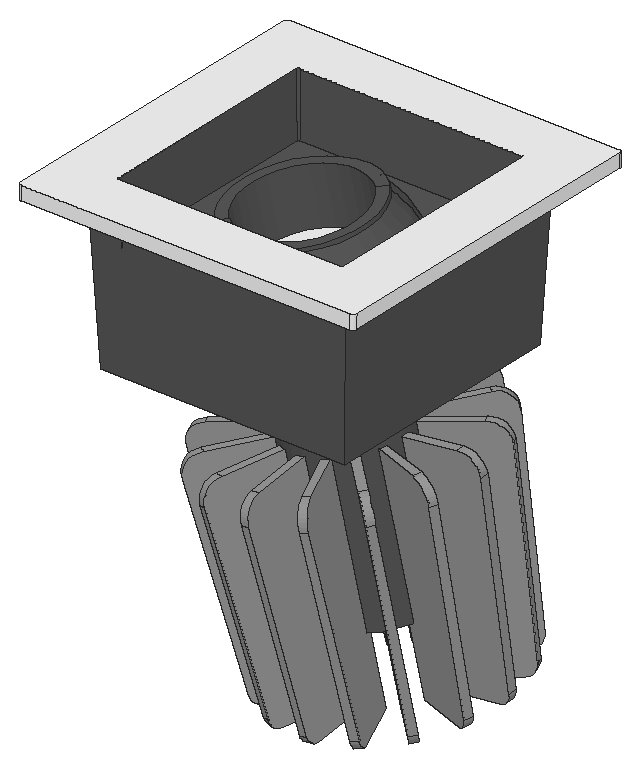
Revit family "2058041 Sylvania Lighting Fixture MYSQ AD BLK 2-7K PHDIM WHT BZ", category Lighting Fixtures, host Face, Revit 2016
Family settings
  Host = Face
  Part Type = Normal
  Round Connector Dimension = Use Diameter
  OmniClass Number = 23.80.70.00
  OmniClass Title = Lighting
  Cut with Voids When Loaded = Yes
  Light Source = No
  Shared = No
  Room Calculation Point = No
Parameters (values of type "2058041 MYSQ AD BLK 2.7K PHDIM WHT BZ")
  WidthCutOut_SYL = 72 mm
  Width_SYL = 86 mm
  WidthBezel_SYL = 7 mm
  Weight = "0.838 kg"
  Wattage Comments = "n/a"
  WarrantyStartDate [instance] = "n/a"
  WarrantyGuarantorParts = "n/a"
  WarrantyDurationUnit = "n/a"
  WarrantyDurationParts = "n/a"
  WarrantyDescription = "n/a"
  Voltage = 0 V
  VerticalTiltStart_FEILO [instance] = VerticalTilt_FEILO + 90.00°  # 135.00°
  VerticalTilt_FEILO [instance] = 45.00°
  URL = "http://www.sylvania-lighting.com"
  TypeName = "MYSQ AD BLK 2.7K PHDIM WHT BZ"
  TypeLamp_SYL = Myriad Adjustable Square Lamp : 2058041 MYSQ AD BLK 2.7K PHDIM WHT BZ
  Type Image = <None>
  Type Comments = "n/a"
  SphereRadius_FEILO = 31 mm
  SerialNumber [instance] = "n/a"
  Material_3_SYL = none
  PowerFactor = 0
  PowerConsumption = "10 W"
  NominalLength = 0 mm
  NominalHeight = 115 mm
  NominalDepth = 76 mm
  Name = "MYSQ AD BLK 2.7K PHDIM WHT BZ"
  ModelReference = Name  # "MYSQ AD BLK 2.7K PHDIM WHT BZ"
  ModelNumber = "2058041"
  Model = Name  # "MYSQ AD BLK 2.7K PHDIM WHT BZ"
  Material = "polycarbonate housing"
  ManufacturerName = "Feilo Sylvania"
  Manufacturer = "Feilo Sylvania"
  LuminousEfficacy = "57 lm/W"
  LuminaireType = ""
  LightOutputRatio = "100"
  LampsType = Lamp  # "LED"
  LampNominalLuminous = "567 lm"
  LampMacAdamStep = "n/a"
  LampColourTemperature = "2700 K"
  LampColourRenderingIndex = "85"
  Lamp = "LED"
  Keynote = "16500"
  InstallationDate [instance] = "n/a"
  InputVoltage = "n/a"
  InputNominalFrequency = "n/a"
  IngressProtection = "IP20"
  ImpactProtectionIndex = "IK02"
  IfcExportType = "IfcLightFixtureType"
  IfcExportAs = "IfcLightFixtureType"
  HorizontalTilt_FEILO [instance] = 10.00°
  HeightVoid_SYL = 16 mm
  HeightTop_SYL = 40 mm
  HeightBezel_SYL = 3.5 mm
  ExpectedLife = 50000
  ElectricShockClassification = "Class II"
  DurationUnit = "hours"
  DraftIn_SYL = tan(DraftAngle_SYL) * HeightVoid_SYL  # 0.699 mm
  DraftOut_SYL = tan(DraftAngle_SYL) * HeightTop_SYL  # 1.746 mm
  DraftAngle_SYL = 2.50°
  DocumentationLiterature = "http://www.sylvania-lighting.com/product/en-int/products/2058041"
  DimmingControlOptions = "n/a"
  Material_2_SYL = none
  Description = "Myriad Adjustable Square 2700K Phase dimmable black interior with white bezel"
  Default Elevation = 1219.2 mm
  CreatedOn = "9/11/2018"
  CreatedBy = "@sylvania-lighting.com"
  Cost = 0
  built-in parameter 1114216 [instance] = (empty or 0)
  ClassificationValue = "EF_70_80"
  ClassificationName = "Uniclass2015"
  Material_1_SYL = Body-Sylvania-MyriadAdjustableRound-Black
  BarCode [instance] = "n/a"
  AssetType = "Fixed"
  AssetIdentifier [instance] = "n/a"
  Assembly Code = "D5020200"
  Apparent Load = 10 VA
  Material_4_SYL = Body-Sylvania-MyriadAdjustableRound-White
Reference planes
  plane 1 "Center (Front/Back)": y = 0
  plane 2: z = 0
  plane 3 "Center (Left/Right)": x = 0
  plane 4: z = 3.5
  plane 5: z = -12.5
  plane 6: z = -24.5
  plane 7: x = -36
  plane 8: x = 36
  plane 9: x = -43
  plane 10: x = 43
  plane 11: x = -33
  plane 12: x = -31.254
  plane 13: x = 33
  plane 14: x = 31.254
  plane 15: y = 43
  plane 16: y = -43
  plane 17: y = 36
  plane 18: y = -36
  plane 19: y = -33
  plane 20: y = 33
  plane 21: y = 31.254
  plane 22: y = -31.254
  plane 23: z = -40
  plane 24: z = -130
  plane 25: y = 29
  plane 26: x = -29
  plane 27: x = 29
  plane 28: y = -29
  plane 29: x = -28.301
  plane 30: y = 28.301
  plane 31: x = 28.301
  plane 32: y = -28.301
  plane 33: x = -42.5
  plane 34: z = 3
Forms (mm)
  Revolve 1, solid, not visible
    sketch origin (0, 0, 0) x (1, 0, 0) y (0, 0, 1)
      loop
        line (0, -24.5) -> (2.4, -24.5) -> (2.4, -12.5) -> (0, -12.5) -> (0, -24.5)
      axis (0, -12.5) -> (0, -24.5)
    angle from 135 <- "VerticalTiltStart_FEILO" to 45 <- "VerticalTilt_FEILO"
  Extrusion 2, void
    sketch origin (0, 0, 0) x (1, 0, 0) y (0, 1, 0)
      loop
        line (-36, 36) -> (-36, -36) -> (36, -36) -> (36, 36) -> (-36, 36)
    from 0 to -130
  Extrusion 3, solid, material "Body-Sylvania-MyriadAdjustableRound-Black" <- "Material_1_SYL"
    sketch origin (0, 0, 0) x (1, 0, 0) y (0, 1, 0)
      loop
        arc (-42, 43) -> (-42.707, 42.707) -> (-43, 42) r 1
        line (-43, 42) -> (-43, -42)
        arc (-43, -42) -> (-42.707, -42.707) -> (-42, -43) r 1
        line (-42, -43) -> (42, -43)
        arc (42, -43) -> (42.707, -42.707) -> (43, -42) r 1
        line (43, -42) -> (43, 42)
        arc (43, 42) -> (42.707, 42.707) -> (42, 43) r 1
        line (42, 43) -> (-42, 43)
    from 0 to 3.5
  Blend 4, solid, material "Body-Sylvania-MyriadAdjustableRound-Black" <- "Material_1_SYL"
    base sketch origin (0, 0, 0) x (1, 0, 0) y (0, 1, 0)
      loop
        line (-33, 33) -> (-33, -33) -> (33, -33) -> (33, 33) -> (-33, 33)
    top sketch origin (0, 0, 0) x (1, 0, 0) y (0, 1, 0)
      loop
        line (-31.254, 31.254) -> (-31.254, -31.254) -> (31.254, -31.254) -> (31.254, 31.254) -> (-31.254, 31.254)
    from 0 to -40
  Blend 5, void
    base sketch origin (1223.4, -4572, 3.5) x (-1, 0, 0) y (0, -1, 0)
      loop
        arc (1251.727, -4601) -> (1252.203, -4600.803) -> (1252.4, -4600.327) r 0.673
        line (1252.4, -4600.327) -> (1252.4, -4543.673)
        arc (1252.4, -4543.673) -> (1252.203, -4543.197) -> (1251.727, -4543) r 0.673
        line (1251.727, -4543) -> (1195.073, -4543)
        arc (1195.073, -4543) -> (1194.597, -4543.197) -> (1194.4, -4543.673) r 0.673
        line (1194.4, -4543.673) -> (1194.4, -4600.327)
        arc (1194.4, -4600.327) -> (1194.597, -4600.803) -> (1195.073, -4601) r 0.673
        line (1195.073, -4601) -> (1251.727, -4601)
    top sketch origin (1223.4, -4572, 3.5) x (-1, 0, 0) y (0, -1, 0)
      loop
        arc (1251.201, -4600.301) -> (1251.555, -4600.155) -> (1251.701, -4599.801) r 0.5
        line (1251.701, -4599.801) -> (1251.701, -4544.199)
        arc (1251.701, -4544.199) -> (1251.555, -4543.845) -> (1251.201, -4543.699) r 0.5
        line (1251.201, -4543.699) -> (1195.638, -4543.699)
        arc (1195.638, -4543.699) -> (1195.257, -4543.857) -> (1195.099, -4544.238) r 0.539
        line (1195.099, -4544.238) -> (1195.099, -4599.801)
        arc (1195.099, -4599.801) -> (1195.245, -4600.155) -> (1195.599, -4600.301) r 0.5
        line (1195.599, -4600.301) -> (1251.201, -4600.301)
    from 0 to -16
  Revolve 6, void
    sketch origin (0, 0, 0) x (1, 0, 0) y (0, 0, 1)
      loop
        arc (0, 5.853) -> (-24.7, -24.5) -> (0, -54.853) r 31
        line (0, -54.853) -> (0, 5.853)
      axis (0, 5.853) -> (0, -54.853)
    angle from 360 to 0
Cuts and joins
  Blend 5 cuts Extrusion 3
  Blend 5, Revolve 6 cuts Blend 4
  joined: Extrusion 3, Blend 4
Lines and regions (mm)
  reference lines
    curve 1: circle (6.3, 0, -24.5) r 31 normal (0, -1, 0)
Dimensions and locks
  "HeightBezel_SYL": plane 4 to plane 2
  locked: plane 5 to plane 6 at 12
  equal spacing: plane 9, plane 3 "Center (Left/Right)", plane 10
  equal spacing: plane 16, plane 1 "Center (Front/Back)", plane 15
  "Width_SYL": plane 16 to plane 15
  "Width_SYL": plane 9 to plane 10
  equal spacing: plane 7, plane 3 "Center (Left/Right)", plane 8
  "WidthCutOut_SYL": plane 7 to plane 8
  equal spacing: plane 18, plane 1 "Center (Front/Back)", plane 17
  "WidthCutOut_SYL": plane 18 to plane 17
  equal spacing: plane 11, plane 3 "Center (Left/Right)", plane 13
  equal spacing: plane 19, plane 1 "Center (Front/Back)", plane 20
  locked: plane 18 to plane 19 at 3
  locked: plane 7 to plane 11 at 3
  equal spacing: plane 12, plane 3 "Center (Left/Right)", plane 14
  "DraftOut_SYL": plane 11 to plane 12
  equal spacing: plane 22, plane 1 "Center (Front/Back)", plane 21
  "DraftOut_SYL": plane 19 to plane 22
  "HeightTop_SYL": plane 2 to plane 23
  locked: plane 2 to plane 24 at 130
  equal spacing: plane 26, plane 3 "Center (Left/Right)", plane 27
  equal spacing: plane 28, plane 1 "Center (Front/Back)", plane 25
  "WidthBezel_SYL": plane 25 to plane 17
  "WidthBezel_SYL": plane 7 to plane 26
  equal spacing: plane 29, plane 3 "Center (Left/Right)", plane 31
  "DraftIn_SYL": plane 26 to plane 29
  equal spacing: plane 32, plane 1 "Center (Front/Back)", plane 30
  "DraftIn_SYL": plane 28 to plane 32
  "HeightVoid_SYL": plane 4 to plane 5
  locked: plane 33 to plane 9 at 0.5
  locked: plane 4 to plane 34 at 0.5
  curve 1 to plane 3 "Center (Left/Right)" = 6.3 mm
  "SphereRadius_FEILO": radius of curve 1
  aligned and locked: plane 2 to host face
  aligned and locked: level to host face
  aligned and locked: plane 6 to Revolve 1 sketch curve
  aligned and locked: Revolve 1 sketch curve to plane 3 "Center (Left/Right)"  (x2)
  aligned and locked: Revolve 1 sketch curve to plane 5
  aligned and locked: plane 17 to Extrusion 2 sketch curve
  aligned and locked: Extrusion 2 sketch curve to plane 18
  aligned and locked: Extrusion 2 sketch curve to plane 8
  aligned and locked: plane 7 to Extrusion 2 sketch curve
  aligned and locked: plane 24 to Extrusion 2
  aligned and locked: level to Extrusion 2
  aligned and locked: plane 15 to Extrusion 3 sketch curve
  aligned and locked: plane 9 to Extrusion 3 sketch curve
  aligned and locked: Extrusion 3 sketch curve to plane 16
  aligned and locked: Extrusion 3 sketch curve to plane 10
  aligned and locked: Extrusion 3 to plane 4
  aligned and locked: Extrusion 3 to level
  aligned and locked: plane 20 to Blend 4 sketch curve
  aligned and locked: Blend 4 sketch curve to plane 19
  aligned and locked: Blend 4 sketch curve to plane 13
  aligned and locked: plane 11 to Blend 4 sketch curve
  aligned and locked: plane 21 to Blend 4 sketch curve
  aligned and locked: plane 12 to Blend 4 sketch curve
  aligned and locked: Blend 4 sketch curve to plane 22
  aligned and locked: Blend 4 sketch curve to plane 14
  aligned and locked: plane 23 to Blend 4
  aligned and locked: level to Blend 4
  aligned and locked: nested 1 to plane 6
  aligned and locked: plane 25 to Blend 5 sketch curve
  aligned and locked: plane 26 to Blend 5 sketch curve
  aligned and locked: Blend 5 sketch curve to plane 28
  aligned and locked: Blend 5 sketch curve to plane 27
  aligned and locked: plane 30 to Blend 5 sketch curve
  aligned and locked: plane 29 to Blend 5 sketch curve
  aligned and locked: Blend 5 sketch curve to plane 32
  aligned and locked: Blend 5 sketch curve to plane 31
  aligned and locked: plane 5 to Blend 5
  aligned and locked: Blend 5 to plane 4
  aligned and locked: plane 6 to curve 1
  aligned and locked: Revolve 6 sketch curve to plane 3 "Center (Left/Right)"
Automatic sketch dimensions
  host sketch curve to host sketch curve = 2438.4 mm  (x2)
  Revolve 1 sketch curve to plane 4 = 2605.558 mm
  plane 3 "Center (Left/Right)" to Revolve 1 sketch curve = 2.4 mm
  plane 6 to Revolve 1 sketch curve = 577.6 mm
  plane 9 to Extrusion 3 sketch curve = 1 mm
  Extrusion 3 sketch curve to Extrusion 3 sketch curve = 1 mm
  Extrusion 3 sketch curve to plane 10 = 1 mm  (x2)
  plane 31 to Blend 5 sketch curve = 0.026 mm  (x2)
  Blend 5 sketch curve to plane 29 = 0.026 mm  (x2)
  Blend 5 sketch curve to Blend 5 sketch curve = 0.5 mm
  Blend 5 sketch curve to Blend 5 sketch curve = 0.539 mm
  plane 29 to Blend 5 sketch curve = 0.5 mm  (x2)
  plane 24 to Revolve 6 sketch curve = 479.6 mm
  Revolve 6 sketch curve to plane 4 = 2605.558 mm
  Revolve 6 sketch curve to plane 3 "Center (Left/Right)" = 0 mm
  Revolve 6 sketch curve to plane 6 = 0 mm
  plane 3 "Center (Left/Right)" to Revolve 6 sketch curve = 6.3 mm
  Revolve 6 sketch curve to plane 4 = 2.353 mm
Nested families
  nested 1: "Myriad Adjustable Square Rotation Feature" at (-0.473, 0.473, -24.5) x (-0.7071, 0.7071, 0) z (-0.7071, -0.7071, 0), HorizontalAxis <- "HorizontalTilt_FEILO", type "Myriad Adjustable Square Rotation Feature"
    with HorizontalAxis 10.00°, EndAngle 100.00°
  nested 2: "Myriad Adjustable Square Lamp" at (0, 0, -24.5) x (0.6964, 0.6964, 0.1736) z (0.1228, 0.1228, -0.9848), type <- "TypeLamp_SYL", type "2058041 MYSQ AD BLK 2.7K PHDIM WHT BZ"
Connectors
  electrical at (0, 0, 0), driven by "Apparent Load", driven by "PowerFactor", driven by "Voltage"
    settings: index 1, voltage 0 V, apparent load 10 VA, apparent load phase1 0 VA, apparent load phase2 0 VA, apparent load phase3 0 VA, power factor 0, load classification "Lighting", number of poles 1, system type 30, power factor state 1, is connector primary yes, connector utility no, sub classification motor no, connector description ""
Definition of nested family "Myriad Adjustable Square Rotation Feature"
  Parameters (values of type "Myriad Adjustable Square Rotation Feature")
    URL = "http://www.sylvania-lighting.com"
    Type Comments = "n/a"
    Model = "n/a"
    Manufacturer = "Feilo Sylvania"
    Keynote = "n/a"
    HorizontalAxis [instance] = 0.00°
    EndAngle [instance] = HorizontalAxis + 90.00°  # 90.00°
    Description = "n/a"
    Default Elevation = 1219.2 mm
    Cost = 0
    Assembly Code = "n/a"
  Reference planes
    plane 1 "Center (Front/Back)": y = 0
    plane 2: z = 0
    plane 3 "Center (Left/Right)": x = 0
    plane 4: z = 10
    plane 5: x = -10
    plane 6: x = 10
  Forms (mm)
    Extrusion 1, solid
      sketch origin (-0.8, 0, 0) x (1, 0, 0) y (0, 1, 0)
        loop
          line (-1219.2, 1219.2) -> (-1219.2, -1219.2) -> (1219.2, -1219.2) -> (1219.2, 1219.2) -> (-1219.2, 1219.2)
      from 0 to -304.8
    Revolve 2, solid
      sketch origin (0, 0, 0) x (1, 0, 0) y (0, 0, 1)
        loop
          line (-10, 10) -> (-10, 0) -> (10, 0) -> (10, 10) -> (-10, 10)
        axis (-10, 0) -> (10, 0)
      angle from 0 <- "HorizontalAxis" to 90 <- "EndAngle"
  Dimensions and locks
    plane 4 to plane 2 = 10 mm
    aligned and locked: plane 2 to Extrusion 1
    aligned and locked: level to Extrusion 1
    aligned and locked: Revolve 2 sketch curve to plane 4
    aligned and locked: plane 5 to Revolve 2 sketch curve
    aligned and locked: Extrusion 1 to Revolve 2 sketch curve
    aligned and locked: Revolve 2 sketch curve to plane 2
    aligned and locked: Revolve 2 sketch curve to plane 6
Definition of nested family "Myriad Adjustable Square Lamp"
  Parameters (values of type "2058044 MYSQ AD BLK 2.7K DALI SIL BZ")
    Wattage = 10 W
    built-in parameter 1150110 = 1 (stored number, unit not read)
    URL = "http://www.sylvania-lighting.com"
    Type Comments = "n/a"
    built-in parameter 1114217 = 1 (stored number, unit not read)
    Tilt Angle = 90.00°
    built-in parameter 1150109 = 1 (stored number, unit not read)
    built-in parameter 1150134 = (empty or 0)
    built-in parameter 1150113 = 1 (stored number, unit not read)
    SphereRadius_SYL = 31 mm
    RimHeight_SYL = 1 mm
    Material_3_SYL = none
    Photometric Web File = "2058044.ies"
    Model = "MYSQ AD BLK 2.7K DALI SIL BZ"
    Manufacturer = "Feilo Sylvania"
    built-in parameter 1150105 = 54.113 (stored number, unit not read)
    Lumens = 680 lm
    built-in parameter 1150115 = 1 (stored number, unit not read)
    built-in parameter 1150137 = (empty or 0)
    built-in parameter 1150139 = (empty or 0)
    built-in parameter 1150112 = 1 (stored number, unit not read)
    built-in parameter 1150114 = 1 (stored number, unit not read)
    Lamp = "LED"
    Keynote = "16500"
    built-in parameter 1150132 = (empty or 0)
    built-in parameter 1150102 = (empty or 0)
    built-in parameter 1150107 = 2700 (stored number, unit not read)
    built-in parameter 1150138 = (empty or 0)
    built-in parameter 1150106 = 0.54113 (stored number, unit not read)
    Emit from Circle Diameter = 30 mm
    Emit Shape Visible in Rendering = no
    built-in parameter 1150104 = 6.3174 (stored number, unit not read)
    Dimming Lamp Color Temperature Shift = (empty or 0)
    Material_2_SYL = none
    Description = "Myriad Adjustable Square 2700K DALI black interior with silver bezel"
    Default Elevation = 1219.2 mm
    Cost = 0
    Color Filter = 16777215
    Material_1_SYL = none
    built-in parameter 1114218 = 1 (stored number, unit not read)
    built-in parameter 1150133 = 10 (stored number, unit not read)
    Assembly Code = "D5020200"
    Material_4_SYL = none
    Apparent Load = 10 VA
  Types (24, lengths in mm): name | built-in parameter 1150134 | Photometric Web File | Model | built-in parameter 1150105 | Lumens | built-in parameter 1150107 | built-in parameter 1150106 | built-in parameter 1150104 | Description
    2058044 MYSQ AD BLK 2.7K DALI SIL BZ | (empty or 0) | "2058044.ies" | "MYSQ AD BLK 2.7K DALI SIL BZ" | 54.113 (stored number, unit not read) | 680 lm | 2700 (stored number, unit not read) | 0.54113 (stored number, unit not read) | 6.3174 (stored number, unit not read) | "Myriad Adjustable Square 2700K DALI black interior with silver bezel"
    2058043 MYSQ AD BLK 2.7K PHDIM SIL BZ | (empty or 0) | "2058043.ies" | "MYSQ AD BLK 2.7K PHDIM SIL BZ" | 54.113 (stored number, unit not read) | 680 lm | 2700 (stored number, unit not read) | 0.54113 (stored number, unit not read) | 6.3174 (stored number, unit not read) | "Myriad Adjustable Square 2700K Phase dimmable black interior with silver bezel"
    2058042 MYSQ AD BLK 2.7K DALI WHT BZ | (empty or 0) | "2058042.ies" | "MYSQ AD BLK 2.7K DALI WHT BZ" | 54.113 (stored number, unit not read) | 680 lm | 2700 (stored number, unit not read) | 0.54113 (stored number, unit not read) | 6.3174 (stored number, unit not read) | "Myriad Adjustable Square 2700K DALI black interior with white bezel"
    2058041 MYSQ AD BLK 2.7K PHDIM WHT BZ | (empty or 0) | "2058041.ies" | "MYSQ AD BLK 2.7K PHDIM WHT BZ" | 45.359 (stored number, unit not read) | 570 lm | 2700 (stored number, unit not read) | 0.45359 (stored number, unit not read) | 5.2955 (stored number, unit not read) | "Myriad Adjustable Square 2700K Phase dimmable black interior with white bezel"
    2058040 MYSQ AD WHT 2.7K DALI SIL BZ | (empty or 0) | "2058040.ies" | "MYSQ AD WHT 2.7K DALI SIL BZ" | 45.359 (stored number, unit not read) | 570 lm | 2700 (stored number, unit not read) | 0.45359 (stored number, unit not read) | 5.2955 (stored number, unit not read) | "Myriad Adjustable Square 2700K DALI White interior with silver bezel."
    2058039 MYSQ AD WHT 2.7K PHDIM SIL BZ | (empty or 0) | "2058039.ies" | "MYSQ AD WHT 2.7K PHDIM SIL BZ" | 54.113 (stored number, unit not read) | 680 lm | 2700 (stored number, unit not read) | 0.54113 (stored number, unit not read) | 6.3174 (stored number, unit not read) | "MYSQ AD WHT 2.7K PHDIM SIL BZ"
    2058038 MYSQ AD WHT 2.7K DALI WHT BZ | (empty or 0) | "2058038.ies" | "MYSQ AD WHT 2.7K DALI WHT BZ" | 54.113 (stored number, unit not read) | 680 lm | 2700 (stored number, unit not read) | 0.54113 (stored number, unit not read) | 6.3174 (stored number, unit not read) | "MYSQ AD WHT 2.7K DALI WHT BZ"
    2058037 MYSQ AD WHT 2.7K PHDIM WHT BZ | (empty or 0) | "2058037.ies" | "MYSQ AD WHT 2.7K PHDIM WHT BZ" | 54.113 (stored number, unit not read) | 680 lm | 2700 (stored number, unit not read) | 0.54113 (stored number, unit not read) | 6.3174 (stored number, unit not read) | "Myriad Adjustable SQ White 2,7K Phase dim White Bezel"
    2056239 MYD ADJ SQ BLK 4K DALI SIL BEZ | 12 | "2056239.ies" | "MYD ADJ SQ BLK 4K DALI SIL BEZ" | 54.113 (stored number, unit not read) | 680 lm | 4000 (stored number, unit not read) | 0.54113 (stored number, unit not read) | 6.3174 (stored number, unit not read) | "MYD ADJ SQ BLK 4K DALI SIL BEZ"
    2056238 MYR ADJ SQ BLK 4K PHDIM SIL BEZ | 12 | "2056238.ies" | "MYR ADJ SQ BLK 4K PHDIM SIL BEZ" | 54.113 (stored number, unit not read) | 680 lm | 4000 (stored number, unit not read) | 0.54113 (stored number, unit not read) | 6.3174 (stored number, unit not read) | "MYR ADJ SQ BLK 4K PHDIM SIL BEZ"
    2056237 MYD ADJ SQ BLK 4K DALI WHT BEZ | 12 | "2056237.ies" | "MYD ADJ SQ BLK 4K DALI WHT BEZ" | 54.113 (stored number, unit not read) | 680 lm | 4000 (stored number, unit not read) | 0.54113 (stored number, unit not read) | 6.3174 (stored number, unit not read) | "MYD ADJ SQ BLK 4K DALI WHT BEZ"
    2056236 MYD ADJ SQ BLK 4K PHDIM WHT BEZ | 12 | "2056236.ies" | "MYD ADJ SQ BLK 4K PHDIM WHT BEZ" | 54.113 (stored number, unit not read) | 680 lm | 4000 (stored number, unit not read) | 0.54113 (stored number, unit not read) | 6.3174 (stored number, unit not read) | "MYD ADJ SQ BLK 4K PHDIM WHT BEZ"
    2056235 MYD ADJ SQ BLK 3K DALI SIL BEZ | (empty or 0) | "2056235.ies" | "MYD ADJ SQ BLK 3K DALI SIL BEZ" | 55.704 (stored number, unit not read) | 700 lm | 3000 (stored number, unit not read) | 0.55704 (stored number, unit not read) | 6.5032 (stored number, unit not read) | "MYD ADJ SQ BLK 3K DALI SIL BEZ"
    2056234 MYD ADJ SQ BLK 3K PHDIM SILBEZ | (empty or 0) | "2056234.ies" | "MYD ADJ SQ BLK 3K PHDIM SILBEZ" | 55.704 (stored number, unit not read) | 700 lm | 3000 (stored number, unit not read) | 0.55704 (stored number, unit not read) | 6.5032 (stored number, unit not read) | "MYD ADJ SQ BLK 3K PHDIM SILBEZ"
    2056233 MYD ADJ SQ BLK 3K DALI WHT BEZ | (empty or 0) | "2056233.ies" | "MYD ADJ SQ BLK 3K DALI WHT BEZ" | 55.704 (stored number, unit not read) | 700 lm | 3000 (stored number, unit not read) | 0.55704 (stored number, unit not read) | 6.5032 (stored number, unit not read) | "MYD ADJ SQ BLK 3K DALI WHT BEZ"
    2056232 MYD ADJ SQ BLK 3K PHDIM WHT BEZ | (empty or 0) | "2056232.ies" | "MYD ADJ SQ BLK 3K PHDIM WHT BEZ" | 55.704 (stored number, unit not read) | 700 lm | 3000 (stored number, unit not read) | 0.55704 (stored number, unit not read) | 6.5032 (stored number, unit not read) | "MYD ADJ SQ BLK 3K PHDIM WHT BEZ"
    2056231 MYD ADJ SQ WHT 4K DALI SIL BEZ | 12 | "2056231.ies" | "MYD ADJ SQ WHT 4K DALI SIL BEZ" | 54.113 (stored number, unit not read) | 680 lm | 4000 (stored number, unit not read) | 0.54113 (stored number, unit not read) | 6.3174 (stored number, unit not read) | "MYD ADJ SQ WHT 4K DALI SIL BEZ"
    2056230 MYD ADJ SQ WHT 4K PHDIM SIL BEZ | 12 | "2056230.ies" | "MYD ADJ SQ WHT 4K PHDIM SIL BEZ" | 54.113 (stored number, unit not read) | 680 lm | 4000 (stored number, unit not read) | 0.54113 (stored number, unit not read) | 6.3174 (stored number, unit not read) | "Myriad Adjustable Square 4000K phase dimmable white with silver bezel"
    2056229 MYD ADJ SQ WHT 4K DALI WHT BEZ | 12 | "2056229.ies" | "MYD ADJ SQ WHT 4K DALI WHT BEZ" | 54.113 (stored number, unit not read) | 680 lm | 4000 (stored number, unit not read) | 0.54113 (stored number, unit not read) | 6.3174 (stored number, unit not read) | "MYD ADJ SQ WHT 4K DALI WHT BEZ"
    2056228 MYD ADJ SQ WHT 4K PHDIM WHT BEZ | 12 | "2056228.ies" | "MYD ADJ SQ WHT 4K PHDIM WHT BEZ" | 54.113 (stored number, unit not read) | 680 lm | 4000 (stored number, unit not read) | 0.54113 (stored number, unit not read) | 6.3174 (stored number, unit not read) | "MYD ADJ SQ WHT 4K PHDIM WHT BEZ"
    2056227 MYD ADJ SQ WHT 3K DALI SIL BEZ | (empty or 0) | "2056227.ies" | "MYD ADJ SQ WHT 3K DALI SIL BEZ" | 55.704 (stored number, unit not read) | 700 lm | 3000 (stored number, unit not read) | 0.55704 (stored number, unit not read) | 6.5032 (stored number, unit not read) | "MYD ADJ SQ WHT 3K DALI SIL BEZ"
    2056226 MYD ADJ SQ WHT 3K PHDIM SIL BEZ | (empty or 0) | "2056226.ies" | "MYD ADJ SQ WHT 3K PHDIM SIL BEZ" | 55.704 (stored number, unit not read) | 700 lm | 3000 (stored number, unit not read) | 0.55704 (stored number, unit not read) | 6.5032 (stored number, unit not read) | "MYD ADJ SQ WHT 3K PHDIM SIL BEZ"
    2056225 MYD ADJ SQ WHT 3K DALI WHT BEZ | (empty or 0) | "2056225.ies" | "MYD ADJ SQ WHT 3K DALI WHT BEZ" | 55.704 (stored number, unit not read) | 700 lm | 3000 (stored number, unit not read) | 0.55704 (stored number, unit not read) | 6.5032 (stored number, unit not read) | "MYD ADJ SQ WHT 3K DALI WHT BEZ"
    2056224 MYD ADJ SQ WHT 3K PHDIM WHT BEZ | (empty or 0) | "2056224.ies" | "MYD ADJ SQ WHT 3K PHDIM WHT BEZ" | 55.704 (stored number, unit not read) | 700 lm | 3000 (stored number, unit not read) | 0.55704 (stored number, unit not read) | 6.5032 (stored number, unit not read) | "MYD ADJ SQ WHT 3K PHDIM WHT BEZ"
  Reference planes
    plane 1 "Center (Front/Back)": y = 0
    plane 2: z = 0
    plane 3 "Center (Left/Right)": x = 0
    plane 4: x = -35
    plane 5: x = -12
    plane 6: x = -15
    plane 7: x = -25
    plane 8: x = -17.8
    plane 9: z = -19.5
    plane 10: z = 19.5
    plane 11: z = 30.5
    plane 12: z = 71.5
    plane 13: z = 90.5
    plane 14: z = 0
    plane 15: z = -5.5
    plane 16: x = -30
    plane 17: z = -20.5
  Forms (mm)
    Extrusion 1, solid
      sketch origin (-0.8, 0, 0) x (1, 0, 0) y (0, 1, 0)
        loop
          line (-1219.2, 1219.2) -> (-1219.2, -1219.2) -> (1219.2, -1219.2) -> (1219.2, 1219.2) -> (-1219.2, 1219.2)
      from 0 to -304.8
    Revolve 2, solid, material <- "Material_1_SYL"
      sketch origin (0, 0, 0) x (1, 0, 0) y (0, 0, 1)
        loop
          line (-15, -20.5) -> (-15, -5.5) -> (0, -5.5) -> (0, 30.5) -> (-12, 30.5) -> (-12, 71.5) -> (-15, 71.5) -> (-15, 19.5) -> (-17.8, 19.5)
          arc (-17.8, 19.5) -> (-24.701, 0) -> (-17.8, -19.5) r 31
          line (-17.8, -19.5) -> (-17.8, -20.5) -> (-15, -20.5)
        axis (0, 71.5) -> (0, -20.5)
      angle from 0 to 360
    Revolve 3, solid, material <- "Material_1_SYL", detail levels coarse+medium
      sketch origin (0, 0, 0) x (1, 0, 0) y (0, 0, 1)
        loop
          line (0, 30.5) -> (0, 90.5) -> (-30, 90.5) -> (-35, 30.5) -> (0, 30.5)
        axis (0, 90.5) -> (0, 30.5)
      angle from 0 to 360
  Lines and regions (mm)
    reference lines
      curve 1: line (0, 0, 0) -> (-32.336, 13.394, 0)
      curve 2: circle (0, 0, 0) r 35 normal (0, 0, 1)
      curve 3: line (0, 0, 0) -> (-24.749, 24.749, 0)
      curve 4: line (0, 0, 0) -> (-13.394, 32.336, 0)
      curve 5: line (0, 0, 0) -> (13.394, 32.336, 0)
      curve 6: line (0, 0, 0) -> (24.749, 24.749, 0)
      curve 7: line (0, 0, 0) -> (32.336, 13.394, 0)
      curve 8: line (0, 0, 0) -> (32.336, -13.394, 0)
      curve 9: line (0, 0, 0) -> (24.749, -24.749, 0)
      curve 10: line (0, 0, 0) -> (13.394, -32.336, 0)
      curve 11: line (0, 0, 0) -> (-13.394, -32.336, 0)
      curve 12: line (0, 0, 0) -> (-24.749, -24.749, 0)
      curve 13: line (0, 0, 0) -> (-32.336, -13.394, 0)
  Dimensions and locks
    locked: plane 3 "Center (Left/Right)" to plane 4 at 35
    locked: plane 3 "Center (Left/Right)" to plane 5 at 12
    locked: plane 3 "Center (Left/Right)" to plane 6 at 15
    locked: plane 3 "Center (Left/Right)" to plane 7 at 25
    locked: plane 3 "Center (Left/Right)" to plane 8 at 17.8
    equal spacing: plane 10, plane 14, plane 9
    locked: plane 3 "Center (Left/Right)" to plane 16 at 30
    "RimHeight_SYL": plane 9 to plane 17
    locked: plane 15 to plane 17 at 15
    locked: plane 10 to plane 17 at 40
    locked: plane 11 to plane 17 at 51
    locked: plane 12 to plane 17 at 92
    locked: plane 13 to plane 17 at 111
    radius of curve 2 = 35 mm
    "SphereRadius_SYL": radius of Revolve 2 sketch curve
    angle curve 3 to plane 1 "Center (Front/Back)" = 45.00°
    angle curve 4 to plane 1 "Center (Front/Back)" = 67.50°
    angle plane 1 "Center (Front/Back)" to curve 5 = 67.50°
    angle plane 1 "Center (Front/Back)" to curve 6 = 45.00°
    angle plane 1 "Center (Front/Back)" to curve 7 = 22.50°
    angle curve 8 to plane 1 "Center (Front/Back)" = 22.50°
    angle curve 9 to plane 1 "Center (Front/Back)" = 45.00°
    angle curve 10 to plane 1 "Center (Front/Back)" = 67.50°
    angle curve 11 to plane 3 "Center (Left/Right)" = 22.50°
    angle curve 12 to plane 3 "Center (Left/Right)" = 45.00°
    angle curve 13 to plane 3 "Center (Left/Right)" = 67.50°
    aligned and locked: plane 2 to Extrusion 1
    aligned and locked: level to Extrusion 1
    aligned and locked: Revolve 2 sketch curve to plane 3 "Center (Left/Right)"  (x2)
    aligned and locked: plane 8 to Revolve 2 sketch curve  (x2)
    aligned and locked: plane 10 to Revolve 2 sketch curve
    aligned and locked: plane 6 to Revolve 2 sketch curve  (x2)
    aligned and locked: plane 12 to Revolve 2 sketch curve
    aligned and locked: Revolve 2 sketch curve to plane 5
    aligned and locked: plane 3 "Center (Left/Right)" to Revolve 2 sketch curve
    aligned and locked: plane 11 to Revolve 2 sketch curve
    aligned and locked: plane 3 "Center (Left/Right)" to curve 1
    aligned and locked: plane 3 "Center (Left/Right)" to curve 2
    aligned and locked: Revolve 3 sketch curve to plane 3 "Center (Left/Right)"
    aligned and locked: plane 13 to Revolve 3 sketch curve
    aligned and locked: plane 14 to level
    aligned and locked: plane 17 to Revolve 2 sketch curve
    aligned and locked: plane 15 to Revolve 2 sketch curve
    aligned and locked: imposter light to plane 1 "Center (Front/Back)"
    aligned and locked: plane 3 "Center (Left/Right)" to imposter light
    aligned and locked: plane 1 "Center (Front/Back)" to nested 1
    aligned and locked: plane 3 "Center (Left/Right)" to nested 1
    aligned and locked: imposter light to plane 15
  Automatic sketch dimensions
    Extrusion 1 sketch curve to Extrusion 1 sketch curve = 2438.4 mm  (x2)
    plane 1 "Center (Front/Back)" to curve 2 = 0 mm
    plane 1 "Center (Front/Back)" to curve 11 = 0 mm
    curve 1 to plane 16 = 2.336 mm
    Revolve 3 sketch curve to level = 609.6 mm
    Revolve 3 sketch curve to Revolve 3 sketch curve = 2498.058 mm
    Revolve 3 sketch curve to plane 4 = 0 mm
    Revolve 3 sketch curve to plane 16 = 0 mm
    Revolve 3 sketch curve to plane 3 "Center (Left/Right)" = 0 mm
    Revolve 3 sketch curve to plane 11 = 0 mm
    Revolve 2 sketch curve to level = 0 mm
    Revolve 2 sketch curve to plane 17 = 588.1 mm
    Revolve 2 sketch curve to plane 13 = 2498.058 mm
  Nested families
    nested 1: "Myriad Rib" at (0, 0, -20.5), type "Myriad Rib", detail levels fine
    nested 2: "Myriad Rib" at (0, 0, -20.5) x (0.9239, -0.3827, 0) z (0, 0, 1), type "Myriad Rib", detail levels fine
    nested 3: "Myriad Rib" at (0, 0, -20.5) x (0.7071, -0.7071, 0) z (0, 0, 1), type "Myriad Rib", detail levels fine
    nested 4: "Myriad Rib" at (0, 0, -20.5) x (0.3827, -0.9239, 0) z (0, 0, 1), type "Myriad Rib", detail levels fine
    nested 5: "Myriad Rib" at (0, 0, -20.5) x (0, -1, 0) z (0, 0, 1), type "Myriad Rib", detail levels fine
    nested 6: "Myriad Rib" at (0, 0, -20.5) x (-0.3827, -0.9239, 0) z (0, 0, 1), type "Myriad Rib", detail levels fine
    nested 7: "Myriad Rib" at (0, 0, -20.5) x (-0.7071, -0.7071, 0) z (0, 0, 1), type "Myriad Rib", detail levels fine
    nested 8: "Myriad Rib" at (0, 0, -20.5) x (-0.9239, -0.3827, 0) z (0, 0, 1), type "Myriad Rib", detail levels fine
    nested 9: "Myriad Rib" at (0, 0, -20.5) x (-1, 0, 0) z (0, 0, 1), type "Myriad Rib", detail levels fine
    nested 10: "Myriad Rib" at (0, 0, -20.5) x (-0.9239, 0.3827, 0) z (0, 0, 1), type "Myriad Rib", detail levels fine
    nested 11: "Myriad Rib" at (0, 0, -20.5) x (-0.7071, 0.7071, 0) z (0, 0, 1), type "Myriad Rib", detail levels fine
    nested 12: "Myriad Rib" at (0, 0, -20.5) x (-0.3827, 0.9239, 0) z (0, 0, 1), type "Myriad Rib", detail levels fine
    nested 13: "Myriad Rib" at (0, 0, -20.5) x (0, 1, 0) z (0, 0, 1), type "Myriad Rib", detail levels fine
    nested 14: "Myriad Rib" at (0, 0, -20.5) x (0.3827, 0.9239, 0) z (0, 0, 1), type "Myriad Rib", detail levels fine
    nested 15: "Myriad Rib" at (0, 0, -20.5) x (0.7071, 0.7071, 0) z (0, 0, 1), type "Myriad Rib", detail levels fine
    nested 16: "Myriad Rib" at (0, 0, -20.5) x (0.9239, 0.3827, 0) z (0, 0, 1), type "Myriad Rib", detail levels fine
  Definition of nested family "Myriad Rib"
    Parameters (values of type "Myriad Rib")
      URL = "http://www.feilosylvania.com"
      Type Comments = "n/a"
      Material_3_SYL = none
      Model = "n/a"
      Manufacturer = "Feilo Sylvania"
      Keynote = "n/a"
      Material_2_SYL = none
      Description = "n/a"
      Default Elevation = 1219.2 mm
      Cost = 0
      Material_1_SYL = none
      Assembly Code = "n/a"
      Material_4_SYL = none
    Reference planes
      plane 1 "Center (Front/Back)": y = 0
      plane 2: z = 0
      plane 3 "Center (Left/Right)": x = 0
      plane 4: x = -35
      plane 5: x = -30
      plane 6: x = -13
      plane 7: z = 51
      plane 8: z = 111
      plane 9: y = 1
      plane 10: y = -1
    Forms (mm)
      Extrusion 1, solid
        sketch origin (-0.8, 0, 0) x (1, 0, 0) y (0, 1, 0)
          loop
            line (-1219.2, 1219.2) -> (-1219.2, -1219.2) -> (1219.2, -1219.2) -> (1219.2, 1219.2) -> (-1219.2, 1219.2)
        from 0 to -304.8
      Extrusion 2, solid, material <- "Material_1_SYL"
        sketch origin (0, 0, 0) x (1, 0, 0) y (0, 0, 1)
          loop
            line (-13, 111) -> (-27.182, 111)
            arc (-27.182, 111) -> (-29.214, 110.208) -> (-30.172, 108.249) r 3
            line (-30.172, 108.249) -> (-34.491, 56.415)
            arc (-34.491, 56.415) -> (-33.188, 52.614) -> (-29.509, 51) r 5
            line (-29.509, 51) -> (-13, 51) -> (-13, 111)
        from -1 to 1
    Dimensions and locks
      locked: plane 7 to plane 2 at 51
      locked: plane 8 to plane 2 at 111
      locked: plane 3 "Center (Left/Right)" to plane 6 at 13
      locked: plane 3 "Center (Left/Right)" to plane 5 at 30
      locked: plane 3 "Center (Left/Right)" to plane 4 at 35
      equal spacing: plane 10, plane 1 "Center (Front/Back)", plane 9, locked at 1 each
      locked: plane 10 to plane 9 at 2
      aligned and locked: plane 2 to Extrusion 1
      aligned and locked: level to Extrusion 1
      aligned and locked: plane 8 to Extrusion 2 sketch curve  (x2)
      aligned and locked: Extrusion 2 sketch curve to plane 6
      aligned and locked: Extrusion 2 sketch curve to plane 7
      aligned and locked: Extrusion 2 to plane 9
      aligned and locked: plane 10 to Extrusion 2
    Automatic sketch dimensions
      Extrusion 1 sketch curve to Extrusion 1 sketch curve = 2438.4 mm  (x2)
      Extrusion 2 sketch curve to plane 6 = 0 mm
      plane 5 to Extrusion 2 sketch curve = 2.818 mm
      plane 5 to Extrusion 2 sketch curve = 0.491 mm
      Extrusion 2 sketch curve to plane 5 = 0.172 mm
      plane 4 to Extrusion 2 sketch curve = 0.509 mm
      Extrusion 2 sketch curve to Extrusion 2 sketch curve = 5 mm
      Extrusion 2 sketch curve to Extrusion 2 sketch curve = 3 mm
